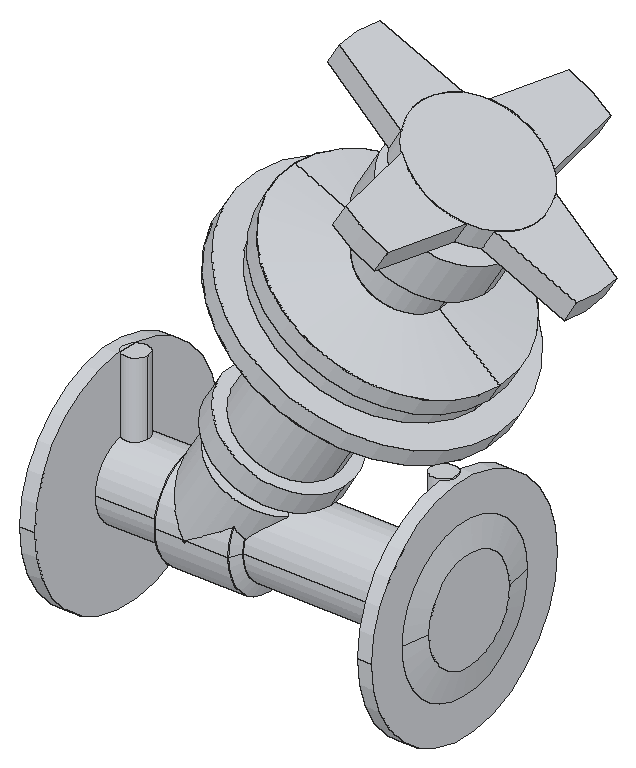
Revit family "224_DN065_40-160_RFA_2019", category Pipe Accessories, Revit 2019
Family settings
  Round Connector Dimension = Use Diameter
  Part Type = Valve - Breaks Into
  Work Plane-Based = No
  Always vertical = Yes
  Cut with Voids When Loaded = No
  Shared = No
Parameters (values of type "224_DN065_(40-160)")
  magiProductId = "7a3227ed888c4b0d8669ae9eb0085d"
  magiProductFamilyId = "cb96b53648234cefb8c956722b95ac"
  magiPartTypeId = 304
  isMeasuringValve [instance] = no
  ang2D [instance] = 0.00°
  Z8 = 22.974 mm
  Z7 = 7.658 mm
  Z6 = 95.726 mm
  Z4 = 38.29 mm
  Z3 = 15.316 mm
  Z2 = 19.145 mm
  Z1 = 57.436 mm
  Y9 = 112.022 mm
  Y8 = 43.927 mm
  X9 = 19.752 mm
  X8 = 30.758 mm
  X5 = 139.89 mm
  X4 = 59.15 mm
  X1 = 11.6 mm
  W2D = 100 mm
  VersionID = "2.0/2018.4.11.4/ZETKAMA_224_001"
  Use Minimum Symbol Size [instance] = yes
  URL = "www.hydronic.cz"
  Type Comments = "přírubový ventil, PN16; -10~+120°C; dpmin=1,5xdpnast;"
  R8 = 53.625 mm
  R7 = 35.75 mm
  R6 = 96.688 mm
  R5 = 92.5 mm
  R4 = 113.75 mm
  R3 = 33.8 mm
  R2 = 63 mm
  R12 = 42.75 mm
  R10 = 40.5 mm
  QmdConnectorList = "301;D;302;D"
  Productdata [instance] = ""
  Manufacturer = "Hydronic Systems Prague s.r.o."
  Maintenance Zone Under Depth [instance] = 385 mm
  Maintenance Zone Right Depth [instance] = 290 mm
  Maintenance Zone Over Depth [instance] = 385 mm
  Maintenance Zone Left Depth [instance] = 290 mm
  Maintenance Zone Front Depth [instance] = 273 mm
  Maintenance Zone Back Depth [instance] = 273 mm
  Maintenance Zone Front Visibility [instance] = no
  MC Product Code = "224 065 7 (DN65; dpnast 40-160kPa; dpmax=300kPa; kvs=48,4kPa)"
  MC Piping Given Pressure Drop [instance] = 0.0 Pa
  LT2 = 145 mm
  L3 = 51.76 mm
  L2D_Min = 3048 mm
  L2D = 350 mm
  H5 = 60 mm
  FDT2 = 92.5 mm
  Description = "Regulátor diferenčního tlaku přírubový"
  DT21 = 32.5 mm
  DT2 = 32.5 mm
  D6 = 52.812 mm
  D5 = 42.25 mm
  D = 65 mm
  Clearance Zone Height Depth [instance] = 385 mm
  Clearance Zone Circular Radius [instance] = 290 mm
  Clearance Zone Visibility [instance] = no
  CAT0 = yes
  ARC2 = 1.728 mm
  ARC1 = 9.698 mm
  ANG = 32.00°
  A2 = 26.893 mm
  A1 = 43.038 mm
Types (10, lengths in mm): name | magiProductId | Z8 | Z7 | Z6 | Z4 | Z3 | Z2 | Z1 | X5 | X4 | X1 | R5 | R3 | R2 | R10 | Maintenance Zone Under Depth | Maintenance Zone Right Depth | Maintenance Zone Over Depth | Maintenance Zone Left Depth | MC Product Code | LT2 | L3 | H5 | FDT2 | DT21 | DT2 | D6 | D5 | D | Clearance Zone Height Depth | Clearance Zone Circular Radius | A2 | A1
  224_DN100_(40-160) | "71f9e553003c40d991c5e352e67284" | 24.389 | 8.13 | 101.622 | 40.649 | 16.26 | 20.324 | 60.973 | 152.2 | 91 | 14 | 110 | 52 | 80.5 | 58 | 405 | 350 | 405 | 350 | "224 100 7 (DN100; dpnast 40-160kPa; dpmax=250kPa; kvs=110,0kPa)" | 175 | 62.8 | 60 | 110 | 50 | 50 | 81.25 | 65 | 100 | 405 | 350 | 32.458 | 51.943
  224_DN100_(20-70) | "5e4de33176c64976a9c157b39996ce" | 24.389 | 8.13 | 101.622 | 40.649 | 16.26 | 20.324 | 60.973 | 152.2 | 91 | 14 | 110 | 52 | 80.5 | 58 | 405 | 350 | 405 | 350 | "224 100 3 (DN100; dpnast 20-70kPa; dpmax=250kPa; kvs=110,0kPa)" | 175 | 62.8 | 60 | 110 | 50 | 50 | 81.25 | 65 | 100 | 405 | 350 | 32.458 | 51.943
  224_DN125_(40-160) | "9beb69b667494b6ab1f54942078ae6" | 25.804 | 8.601 | 107.518 | 43.007 | 17.203 | 21.504 | 64.511 | 166.25 | 113.75 | 16 | 125 | 65 | 95.5 | 71 | 425 | 400 | 425 | 400 | "224 125 7 (DN125; dpnast 40-160kPa; dpmax=250kPa; kvs=169,0kPa)" | 200 | 72 | 62.5 | 125 | 62.5 | 62.5 | 101.562 | 81.25 | 125 | 425 | 400 | 37.094 | 59.363
  224_DN125_(20-70) | "2c85edc695ca465cb63b6911085491" | 25.804 | 8.601 | 107.518 | 43.007 | 17.203 | 21.504 | 64.511 | 166.25 | 113.75 | 16 | 125 | 65 | 95.5 | 71 | 425 | 400 | 425 | 400 | "224 125 3 (DN125; dpnast 20-70kPa; dpmax=250kPa; kvs=169,0kPa)" | 200 | 72 | 62.5 | 125 | 62.5 | 62.5 | 101.562 | 81.25 | 125 | 425 | 400 | 37.094 | 59.363
  224_DN150_(40-160) | "96017eba5eec4de2abe05c4d8dc7d1" | 26.866 | 8.955 | 89.552 | 44.776 | 17.91 | 22.388 | 89.552 | 223.38 | 115.5 | 19.2 | 142.5 | 70.2 | 108.5 | 84 | 440 | 480 | 440 | 480 | "224 150 7 (DN150; dpnast 40-160kPa; dpmax=250kPa; kvs=200,0kPa)" | 240 | 86.72 | 67.5 | 142.5 | 67.5 | 75 | 90.75 | 82.5 | 150 | 440 | 480 | 44.513 | 71.236
  224_DN150_(20-70) | "2dcf3707ec5549d494f72875a03dce" | 26.866 | 8.955 | 89.552 | 44.776 | 17.91 | 22.388 | 89.552 | 223.38 | 115.5 | 19.2 | 142.5 | 70.2 | 108.5 | 84 | 440 | 480 | 440 | 480 | "224 150 3 (DN150; dpnast 20-70kPa; dpmax=250kPa; kvs=200,0kPa)" | 240 | 86.72 | 67.5 | 142.5 | 67.5 | 75 | 90.75 | 82.5 | 150 | 440 | 480 | 44.513 | 71.236
  224_DN065_(40-160) | "7a3227ed888c4b0d8669ae9eb0085d" | 22.974 | 7.658 | 95.726 | 38.29 | 15.316 | 19.145 | 57.436 | 139.89 | 59.15 | 11.6 | 92.5 | 33.8 | 63 | 40.5 | 385 | 290 | 385 | 290 | "224 065 7 (DN65; dpnast 40-160kPa; dpmax=300kPa; kvs=48,4kPa)" | 145 | 51.76 | 60 | 92.5 | 32.5 | 32.5 | 52.812 | 42.25 | 65 | 385 | 290 | 26.893 | 43.038
  224_DN065_(20-70) | "bd269db4002540fe9b2a41f205afd7" | 22.974 | 7.658 | 95.726 | 38.29 | 15.316 | 19.145 | 57.436 | 139.89 | 59.15 | 11.6 | 92.5 | 33.8 | 63 | 40.5 | 385 | 290 | 385 | 290 | "224 065 3 (DN65; dpnast 20-70kPa; dpmax=300kPa; kvs=48,4kPa)" | 145 | 51.76 | 60 | 92.5 | 32.5 | 32.5 | 52.812 | 42.25 | 65 | 385 | 290 | 26.893 | 43.038
  224_DN080_(40-160) | "20b45c03d3cb49e9a44f946d5e2c2d" | 23.328 | 7.776 | 97.2 | 38.88 | 15.552 | 19.44 | 58.32 | 140.96 | 72.8 | 12.4 | 100 | 41.6 | 70.5 | 48 | 390 | 310 | 390 | 310 | "224 080 7 (DN80; dpnast 40-160kPa; dpmax=300kPa; kvs=74,5kPa)" | 155 | 55.44 | 60 | 100 | 40 | 40 | 65 | 52 | 80 | 390 | 310 | 28.748 | 46.007
  224_DN080_(20-70) | "2f63645f7c5342ecbadd0051fa47f2" | 23.328 | 7.776 | 97.2 | 38.88 | 15.552 | 19.44 | 58.32 | 140.96 | 72.8 | 12.4 | 100 | 41.6 | 70.5 | 48 | 390 | 310 | 390 | 310 | "224 080 3 (DN80; dpnast 20-70kPa; dpmax=300kPa; kvs=74,5kPa)" | 155 | 55.44 | 60 | 100 | 40 | 40 | 65 | 52 | 80 | 390 | 310 | 28.748 | 46.007
Reference planes
  plane 1 "Center (Front/Back)": y = 0
  plane 2 "XYPLANE": z = 0
  plane 3 "Center (Left/Right)": x = 0
  plane 4 "274": z = -385
  plane 5 "273": z = 385
  plane 6 "272": x = -290
  plane 7 "271": x = 290
  plane 8 "270": y = 273
  plane 9 "269": y = -273
  plane 10 "202": x = 124.4
  plane 11 "201": z = 32.5
  plane 12 "199": x = -122.4
  plane 13 "196": x = -10.49
  plane 14 "195": x = -14.49
  plane 15 "186": x = -73.64
  plane 16 "185": x = -77.64
  plane 17 "157": through (-528.542, 0, 569.466) normal (0.5299, 0, 0.848)
  plane 18 "123": y = -19.752
  plane 19 "122": y = -30.758
  plane 20 "120": y = 19.752
  plane 21 "119": y = 30.758
  plane 22 "118": through (265.941, 0, 718.206) normal (0.848, 0, -0.5299)
  plane 23 "117": through (398.193, 0, 635.565) normal (0.848, 0, -0.5299)
  plane 24 "116": through (455.941, 0, 599.48) normal (0.848, 0, -0.5299)
  plane 25 "115": through (323.689, 0, 682.121) normal (0.848, 0, -0.5299)
  plane 26 "113": y = -43.927
  plane 27 "112": y = -112.022
  plane 28 "110": through (387.025, 0, 642.544) normal (0.848, 0, -0.5299)
  plane 29 "108": through (344.19, 0, 669.31) normal (0.848, 0, -0.5299)
  plane 30 "107": through (334.856, 0, 675.142) normal (0.848, 0, -0.5299)
  plane 31 "106": through (377.692, 0, 648.376) normal (0.848, 0, -0.5299)
  plane 32 "105": y = 112.022
  plane 33 "104": y = 43.927
  plane 34 "99": through (-457.524, 0, 683.118) normal (0.5299, 0, 0.848)
  plane 35 "96": through (-467.67, 0, 666.882) normal (0.5299, 0, 0.848)
  plane 36 "91": through (-487.961, 0, 634.41) normal (0.5299, 0, 0.848)
  plane 37 "87": through (-508.251, 0, 601.938) normal (0.5299, 0, 0.848)
  plane 38 "84": through (-512.31, 0, 595.443) normal (0.5299, 0, 0.848)
  plane 39 "82": through (-520.426, 0, 582.454) normal (0.5299, 0, 0.848)
  plane 40 "75": through (-536.659, 0, 556.477) normal (0.5299, 0, 0.848)
  plane 41 "74": through (-548.833, 0, 536.993) normal (0.5299, 0, 0.848)
  plane 42 "41": through (-599.56, 0, 455.813) normal (0.5299, 0, 0.848)
  plane 43 "37": through (-609.706, 0, 439.577) normal (0.5299, 0, 0.848)
  plane 44 "34": through (-619.851, 0, 423.341) normal (0.5299, 0, 0.848)
  plane 45 "30": through (-650.287, 0, 374.633) normal (0.5299, 0, 0.848)
  plane 46 "28": y = 0
  plane 47 "27": through (360.941, 0, 658.843) normal (0.848, 0, -0.5299)
  plane 48 "24": x = 141
  plane 49 "23": x = 129.4
  plane 50 "15": x = -129.4
  plane 51 "11": x = -141
  plane 52 "6": x = 145
  plane 53 "5": x = -145
  plane 54 "3": z = 0
  plane 55 "2": y = 0
  plane 56 "1": x = 0
  plane 57 "25XY": through (-636.036, 0, 397.439) normal (0.5299, 0, 0.848)
  plane 58 "25XZ": y = 0
  plane 59 "25YZ": through (397.439, 0, 636.036) normal (0.848, 0, -0.5299)
Forms (mm)
  Blend 1, solid, visible <- "CAT0"
    base sketch origin (-548.833, 0, 536.993) x (0.848048, 0, -0.529919) y (0, 1, 0)
      loop
        circle (706.962, 0) r 42.75
    top sketch origin (-548.833, 0, 536.993) x (0.848048, 0, -0.529919) y (0, 1, 0)
      loop
        circle (706.962, 0) r 113.75
    from 0 to 22.974
  Blend 2, solid, visible <- "Maintenance Zone Front Visibility"
    base sketch origin (-750, 0, 385) x (1, 0, 0) y (0, 1, 0)
      loop
        line (460, 273) -> (460, -273) -> (1040, -273) -> (1040, 273) -> (460, 273)
    top sketch origin (-750, 0, 385) x (1, 0, 0) y (0, 1, 0)
      loop
        line (460, 273) -> (460, -273) -> (1040, -273) -> (1040, 273) -> (460, 273)
    from 0 to -770
  Extrusion 3, solid, visible <- "Clearance Zone Visibility"
    sketch origin (-750, 0, 0) x (1, 0, 0) y (0, 1, 0)
      loop
        circle (750, 0) r 290
    from 0 to 385 <- "Clearance Zone Height Depth"
  Extrusion 4, solid, visible <- "CAT0"
    sketch origin (-599.56, 0, 455.813) x (0.848048, 0, -0.529919) y (0, 1, 0)
      loop
        circle (706.962, 0) r 42.75
    from 0 to 95.726 <- "Z6"
  Extrusion 5, solid
    sketch origin (-750, 0, 32.5) x (1, 0, 0) y (0, 1, 0)
      loop
        circle (874.4, 0) r 10
    from 0 to 60 <- "H5"
  Extrusion 6, solid
    sketch origin (-750, 0, 32.5) x (1, 0, 0) y (0, 1, 0)
      loop
        circle (627.6, 0) r 10
    from 0 to 60 <- "H5"
  Extrusion 7, solid
    sketch origin (-10.49, -750, 0) x (0, 1, 0) y (0, 0, 1)
      loop
        circle (750, 0) r 32.5
    from 0 to 139.89 <- "X5"
  Blend 8, solid
    base sketch origin (-10.49, -750, 0) x (0, 1, 0) y (0, 0, 1)
      loop
        circle (750, 0) r 32.5
    top sketch origin (-10.49, -750, 0) x (0, 1, 0) y (0, 0, 1)
      loop
        circle (750, 0) r 42.25
    from 0 to -4
  Extrusion 9, solid
    sketch origin (-73.64, -750, 0) x (0, 1, 0) y (0, 0, 1)
      loop
        circle (750, 0) r 42.25
    from 0 to 59.15 <- "X4"
  Blend 10, solid
    base sketch origin (-77.64, -750, 0) x (0, 1, 0) y (0, 0, 1)
      loop
        circle (750, 0) r 32.5
    top sketch origin (-77.64, -750, 0) x (0, 1, 0) y (0, 0, 1)
      loop
        circle (750, 0) r 42.25
    from 0 to 4
  Extrusion 11, solid
    sketch origin (-650.287, 0, 374.633) x (0.848048, 0, -0.529919) y (0, 1, 0)
      loop
        circle (706.962, 0) r 42.25
    from 0 to 57.436 <- "Z1"
  Extrusion 12, solid
    sketch origin (-536.659, 0, 556.477) x (0.848048, 0, -0.529919) y (0, 1, 0)
      loop
        circle (706.962, 0) r 113.75
    from 0 to 15.316 <- "Z3"
  Extrusion 13, solid
    sketch origin (-457.524, 0, 683.118) x (0.848048, 0, -0.529919) y (0, 1, 0)
      loop
        line (750.889, -30.758) -> (818.983, -19.752)
        arc (818.983, -19.752) -> (820.712, 0) -> (818.983, 19.752) r 113.75
        line (818.983, 19.752) -> (750.889, 30.758)
        arc (750.889, 30.758) -> (760.587, 0) -> (750.889, -30.758) r 53.625
    from 0 to 19.145 <- "Z2"
  Extrusion 14, solid
    sketch origin (-457.524, 0, 683.118) x (0.848048, 0, -0.529919) y (0, 1, 0)
      loop
        line (663.035, 30.758) -> (594.94, 19.752)
        arc (594.94, 19.752) -> (593.212, 0) -> (594.94, -19.752) r 113.75
        line (594.94, -19.752) -> (663.035, -30.758)
        arc (663.035, -30.758) -> (653.337, 0) -> (663.035, 30.758) r 53.625
    from 0 to 19.145 <- "Z2"
  Extrusion 15, solid
    sketch origin (-457.524, 0, 683.118) x (0.848048, 0, -0.529919) y (0, 1, 0)
      loop
        line (676.204, -43.927) -> (687.209, -112.022)
        arc (687.209, -112.022) -> (706.962, -113.75) -> (726.714, -112.022) r 113.75
        line (726.714, -112.022) -> (737.72, -43.927)
        arc (737.72, -43.927) -> (706.962, -53.625) -> (676.204, -43.927) r 53.625
    from 0 to 19.145 <- "Z2"
  Extrusion 16, solid
    sketch origin (-457.524, 0, 683.118) x (0.848048, 0, -0.529919) y (0, 1, 0)
      loop
        line (737.72, 43.927) -> (726.714, 112.022)
        arc (726.714, 112.022) -> (706.962, 113.75) -> (687.209, 112.022) r 113.75
        line (687.209, 112.022) -> (676.204, 43.927)
        arc (676.204, 43.927) -> (706.962, 53.625) -> (737.72, 43.927) r 53.625
    from 0 to 19.145 <- "Z2"
  Extrusion 17, solid
    sketch origin (-457.524, 0, 683.118) x (0.848048, 0, -0.529919) y (0, 1, 0)
      loop
        circle (706.962, 0) r 53.625
    from 0 to 19.145 <- "Z2"
  Extrusion 18, solid
    sketch origin (-467.67, 0, 666.882) x (0.848048, 0, -0.529919) y (0, 1, 0)
      loop
        circle (706.962, 0) r 35.75
    from 0 to 19.145 <- "Z2"
  Extrusion 19, solid
    sketch origin (-487.961, 0, 634.41) x (0.848048, 0, -0.529919) y (0, 1, 0)
      loop
        circle (706.962, 0) r 53.625
    from 0 to 38.29 <- "Z4"
  Extrusion 20, solid
    sketch origin (-508.251, 0, 601.938) x (0.848048, 0, -0.529919) y (0, 1, 0)
      loop
        circle (706.962, 0) r 35.75
    from 0 to 38.29 <- "Z4"
  Blend 21, solid
    base sketch origin (-512.31, 0, 595.443) x (0.848048, 0, -0.529919) y (0, 1, 0)
      loop
        circle (706.962, 0) r 96.688
    top sketch origin (-512.31, 0, 595.443) x (0.848048, 0, -0.529919) y (0, 1, 0)
      loop
        circle (706.962, 0) r 35.75
    from 0 to 7.658
  Extrusion 22, solid
    sketch origin (-520.426, 0, 582.454) x (0.848048, 0, -0.529919) y (0, 1, 0)
      loop
        circle (706.962, 0) r 96.688
    from 0 to 15.316 <- "Z3"
  Extrusion 23, solid
    sketch origin (-528.542, 0, 569.466) x (0.848048, 0, -0.529919) y (0, 1, 0)
      loop
        circle (706.962, 0) r 92.5
    from 0 to 15.316 <- "Z3"
  Extrusion 24, solid
    sketch origin (-609.706, 0, 439.577) x (0.848048, 0, -0.529919) y (0, 1, 0)
      loop
        circle (706.962, 0) r 52.812
    from 0 to 19.145 <- "Z2"
  Extrusion 25, solid
    sketch origin (-619.851, 0, 423.341) x (0.848048, 0, -0.529919) y (0, 1, 0)
      loop
        circle (706.962, 0) r 33.8
    from 0 to 19.145 <- "Z2"
  Blend 26, solid
    base sketch origin (141, -750, 0) x (0, 1, 0) y (0, 0, 1)
      loop
        circle (750, 0) r 63
    top sketch origin (141, -750, 0) x (0, 1, 0) y (0, 0, 1)
      loop
        circle (750, 0) r 40.5
    from 0 to 4
  Extrusion 27, solid
    sketch origin (129.4, -750, 0) x (0, 1, 0) y (0, 0, 1)
      loop
        circle (750, 0) r 92.5
    from 0 to 11.6 <- "X1"
  Extrusion 28, solid
    sketch origin (-129.4, -750, 0) x (0, 1, 0) y (0, 0, 1)
      loop
        circle (750, 0) r 32.5
    from 0 to 51.76 <- "L3"
  Extrusion 29, solid
    sketch origin (-141, -750, 0) x (0, 1, 0) y (0, 0, 1)
      loop
        circle (750, 0) r 92.5
    from 0 to 11.6 <- "X1"
  Blend 30, solid
    base sketch origin (-145, -750, 0) x (0, 1, 0) y (0, 0, 1)
      loop
        circle (750, 0) r 40.5
    top sketch origin (-145, -750, 0) x (0, 1, 0) y (0, 0, 1)
      loop
        circle (750, 0) r 63
    from 0 to 4
  Extrusion 31, solid, not visible
    sketch origin (145, -750, 0) x (0, 1, 0) y (0, 0, 1)
      loop
        circle (750, 0) r 10
    from 0 to -10
  Extrusion 32, solid, not visible
    sketch origin (-145, -750, 0) x (0, 1, 0) y (0, 0, 1)
      loop
        circle (750, 0) r 10
    from 0 to 10
Lines and regions (mm)
  reference lines, not visible
    curve 1: circle (-13.29, 2, 0) r 1 normal (0, 0, 1)
  reference lines
    curve 2: line (179.265, -30.758, 285.208) -> (179.265, 30.758, 285.208)
    curve 3: line (237.013, 19.752, 249.123) -> (237.013, -19.752, 249.123)
    curve 4: line (104.761, 30.758, 331.763) -> (104.761, -30.758, 331.763)
    curve 5: line (47.013, -19.752, 367.848) -> (47.013, 19.752, 367.848)
    curve 6: line (115.929, -43.927, 324.785) -> (168.097, -43.927, 292.186)
    curve 7: line (158.764, -112.022, 298.018) -> (125.262, -112.022, 318.953)
    curve 8: line (168.097, 43.927, 292.186) -> (115.929, 43.927, 324.785)
    curve 9: line (125.262, 112.022, 318.953) -> (158.764, 112.022, 298.018)
Dimensions and locks
  plane 1 "Center (Front/Back)" to curve 1 = 2 mm
  "Maintenance Zone Under Depth": plane 2 "XYPLANE" to plane 4 "274"
  "Maintenance Zone Over Depth": plane 2 "XYPLANE" to plane 5 "273"
  "Maintenance Zone Left Depth": plane 3 "Center (Left/Right)" to plane 6 "272"
  "Maintenance Zone Right Depth": plane 3 "Center (Left/Right)" to plane 7 "271"
  "Maintenance Zone Back Depth": plane 1 "Center (Front/Back)" to plane 8 "270"
  "Maintenance Zone Front Depth": plane 1 "Center (Front/Back)" to plane 9 "269"
  locked: plane 49 "23" to plane 10 "202" at 5
  "DT2": plane 2 "XYPLANE" to plane 11 "201"
  locked: plane 50 "15" to plane 12 "199" at 7
  locked: plane 14 "195" to plane 13 "196" at 4
  "X4": plane 15 "186" to plane 14 "195"
  locked: plane 16 "185" to plane 15 "186" at 4
  "L3": plane 50 "15" to plane 16 "185"
  "Z3": plane 40 "75" to plane 17 "157"
  "X9": plane 55 "2" to plane 18 "123"
  "X8": plane 55 "2" to plane 19 "122"
  "X9": plane 55 "2" to plane 20 "120"
  "X8": plane 55 "2" to plane 21 "119"
  "Y9": plane 47 "27" to plane 22 "118"
  "Y8": plane 47 "27" to plane 23 "117"
  "Y9": plane 47 "27" to plane 24 "116"
  "Y8": plane 47 "27" to plane 25 "115"
  "Y8": plane 55 "2" to plane 26 "113"
  "Y9": plane 55 "2" to plane 27 "112"
  "X8": plane 47 "27" to plane 28 "110"
  "X9": plane 47 "27" to plane 29 "108"
  "X8": plane 47 "27" to plane 30 "107"
  "X9": plane 47 "27" to plane 31 "106"
  "Y9": plane 55 "2" to plane 32 "105"
  "Y8": plane 55 "2" to plane 33 "104"
  "Z2": plane 35 "96" to plane 34 "99"
  "Z4": plane 36 "91" to plane 35 "96"
  "Z4": plane 37 "87" to plane 36 "91"
  "Z7": plane 38 "84" to plane 37 "87"
  "Z3": plane 39 "82" to plane 38 "84"
  "Z3": plane 17 "157" to plane 39 "82"
  "Z8": plane 41 "74" to plane 40 "75"
  "Z6": plane 42 "41" to plane 41 "74"
  "Z2": plane 43 "37" to plane 42 "41"
  "Z2": plane 44 "34" to plane 43 "37"
  "Z1": plane 45 "30" to plane 44 "34"
  "A2": plane 57 "25XY" to plane 45 "30"
  locked: plane 55 "2" to plane 46 "28"
  "A1": plane 59 "25YZ" to plane 47 "27"
  "X1": plane 49 "23" to plane 48 "24"
  "X5": plane 13 "196" to plane 49 "23"
  "X1": plane 51 "11" to plane 50 "15"
  locked: plane 53 "5" to plane 51 "11" at 4
  "LT2": plane 3 "Center (Left/Right)" to plane 52 "6"
  "LT2": plane 3 "Center (Left/Right)" to plane 53 "5"
  locked: plane 2 "XYPLANE" to plane 54 "3"
  locked: plane 1 "Center (Front/Back)" to plane 55 "2"
  locked: plane 3 "Center (Left/Right)" to plane 56 "1"
  Blend 2 sketch curve to Blend 2 sketch curve = 0 mm  (x16)
  "ARC1": curve 2 to Extrusion 13 sketch curve
  "ARC2": curve 3 to Extrusion 13 sketch curve
  Extrusion 13 sketch curve to Extrusion 13 sketch curve = 0 mm  (x8)
  "ARC1": curve 4 to Extrusion 14 sketch curve
  "ARC2": curve 5 to Extrusion 14 sketch curve
  Extrusion 14 sketch curve to Extrusion 14 sketch curve = 0 mm  (x8)
  "ARC1": curve 6 to Extrusion 15 sketch curve
  "ARC2": curve 7 to Extrusion 15 sketch curve
  Extrusion 15 sketch curve to Extrusion 15 sketch curve = 0 mm  (x8)
  "ARC1": curve 8 to Extrusion 16 sketch curve
  "ARC2": curve 9 to Extrusion 16 sketch curve
  Extrusion 16 sketch curve to Extrusion 16 sketch curve = 0 mm  (x8)
  "R4": radius of Blend 1 sketch curve
  "R12": radius of Blend 1 sketch curve
  "Clearance Zone Circular Radius": radius of Extrusion 3 sketch curve
  "R12": radius of Extrusion 4 sketch curve
  "DT21": radius of Extrusion 7 sketch curve
  "D5": radius of Blend 8 sketch curve
  "DT21": radius of Blend 8 sketch curve
  "D5": radius of Extrusion 9 sketch curve
  "D5": radius of Blend 10 sketch curve
  "DT21": radius of Blend 10 sketch curve
  "D5": radius of Extrusion 11 sketch curve
  "R4": radius of Extrusion 12 sketch curve
  "R8": radius of Extrusion 17 sketch curve
  "R7": radius of Extrusion 18 sketch curve
  "R8": radius of Extrusion 19 sketch curve
  "R7": radius of Extrusion 20 sketch curve
  "R7": radius of Blend 21 sketch curve
  "R6": radius of Blend 21 sketch curve
  "R6": radius of Extrusion 22 sketch curve
  "R5": radius of Extrusion 23 sketch curve
  "D6": radius of Extrusion 24 sketch curve
  "R3": radius of Extrusion 25 sketch curve
  "R10": radius of Blend 26 sketch curve
  "R2": radius of Blend 26 sketch curve
  "FDT2": radius of Extrusion 27 sketch curve
  "DT21": radius of Extrusion 28 sketch curve
  "FDT2": radius of Extrusion 29 sketch curve
  "R2": radius of Blend 30 sketch curve
  "R10": radius of Blend 30 sketch curve
  aligned and locked: level to plane 2 "XYPLANE"
  aligned and locked: plane 46 "28" to Blend 1 sketch curve  (x2)
  aligned and locked: Blend 1 sketch curve to plane 47 "27"  (x2)
  aligned and locked: plane 40 "75" to Blend 1
  aligned and locked: Blend 2 sketch curve to plane 6 "272"  (x2)
  aligned and locked: plane 8 "270" to Blend 2 sketch curve  (x4)
  aligned and locked: plane 9 "269" to Blend 2 sketch curve  (x4)
  aligned and locked: plane 6 "272" to Blend 2 sketch curve  (x2)
  aligned and locked: plane 7 "271" to Blend 2 sketch curve  (x4)
  aligned and locked: Blend 2 to plane 4 "274"
  aligned and locked: plane 55 "2" to Extrusion 3 sketch curve
  aligned and locked: plane 56 "1" to Extrusion 3 sketch curve
  aligned and locked: plane 46 "28" to Extrusion 4 sketch curve
  aligned and locked: Extrusion 4 sketch curve to plane 47 "27"
  aligned and locked: plane 10 "202" to Extrusion 5 sketch curve
  aligned and locked: plane 55 "2" to Extrusion 5 sketch curve
  aligned and locked: plane 12 "199" to Extrusion 6 sketch curve
  aligned and locked: plane 55 "2" to Extrusion 6 sketch curve
  aligned and locked: plane 54 "3" to Extrusion 7 sketch curve
  aligned and locked: Extrusion 7 sketch curve to plane 55 "2"
  aligned and locked: plane 54 "3" to Blend 8 sketch curve  (x2)
  aligned and locked: Blend 8 sketch curve to plane 55 "2"  (x2)
  aligned and locked: Blend 8 to plane 14 "195"
  aligned and locked: plane 54 "3" to Extrusion 9 sketch curve
  aligned and locked: Extrusion 9 sketch curve to plane 55 "2"
  aligned and locked: plane 54 "3" to Blend 10 sketch curve  (x2)
  aligned and locked: Blend 10 sketch curve to plane 55 "2"  (x2)
  aligned and locked: plane 15 "186" to Blend 10
  aligned and locked: plane 46 "28" to Extrusion 11 sketch curve
  aligned and locked: Extrusion 11 sketch curve to plane 47 "27"
  aligned and locked: plane 46 "28" to Extrusion 12 sketch curve
  aligned and locked: Extrusion 12 sketch curve to plane 47 "27"
  aligned and locked: curve 2 to plane 23 "117"
  aligned and locked: plane 19 "122" to curve 2
  aligned and locked: plane 21 "119" to curve 2
  aligned and locked: plane 21 "119" to Extrusion 13 sketch curve
  aligned and locked: plane 23 "117" to Extrusion 13 sketch curve
  aligned and locked: plane 20 "120" to Extrusion 13 sketch curve
  aligned and locked: plane 24 "116" to Extrusion 13 sketch curve
  aligned and locked: curve 3 to plane 24 "116"
  aligned and locked: plane 20 "120" to curve 3
  aligned and locked: plane 18 "123" to curve 3
  aligned and locked: plane 18 "123" to Extrusion 13 sketch curve
  aligned and locked: Extrusion 13 sketch curve to plane 24 "116"
  aligned and locked: plane 19 "122" to Extrusion 13 sketch curve
  aligned and locked: Extrusion 13 sketch curve to plane 23 "117"
  aligned and locked: curve 4 to plane 25 "115"
  aligned and locked: plane 21 "119" to curve 4
  aligned and locked: plane 19 "122" to curve 4
  aligned and locked: plane 19 "122" to Extrusion 14 sketch curve
  aligned and locked: Extrusion 14 sketch curve to plane 25 "115"
  aligned and locked: plane 18 "123" to Extrusion 14 sketch curve
  aligned and locked: Extrusion 14 sketch curve to plane 22 "118"
  aligned and locked: curve 5 to plane 22 "118"
  aligned and locked: plane 18 "123" to curve 5
  aligned and locked: plane 20 "120" to curve 5
  aligned and locked: plane 20 "120" to Extrusion 14 sketch curve
  aligned and locked: plane 22 "118" to Extrusion 14 sketch curve
  aligned and locked: plane 21 "119" to Extrusion 14 sketch curve
  aligned and locked: plane 25 "115" to Extrusion 14 sketch curve
  aligned and locked: curve 6 to plane 26 "113"
  aligned and locked: curve 6 to plane 30 "107"
  aligned and locked: curve 6 to plane 28 "110"
  aligned and locked: plane 26 "113" to Extrusion 15 sketch curve  (x2)
  aligned and locked: Extrusion 15 sketch curve to plane 28 "110"
  aligned and locked: plane 27 "112" to Extrusion 15 sketch curve  (x2)
  aligned and locked: Extrusion 15 sketch curve to plane 31 "106"
  aligned and locked: plane 27 "112" to curve 7
  aligned and locked: curve 7 to plane 31 "106"
  aligned and locked: curve 7 to plane 29 "108"
  aligned and locked: Extrusion 15 sketch curve to plane 29 "108"
  aligned and locked: Extrusion 15 sketch curve to plane 30 "107"
  aligned and locked: plane 33 "104" to curve 8
  aligned and locked: plane 28 "110" to curve 8
  aligned and locked: plane 30 "107" to curve 8
  aligned and locked: plane 30 "107" to Extrusion 16 sketch curve
  aligned and locked: plane 33 "104" to Extrusion 16 sketch curve  (x2)
  aligned and locked: plane 29 "108" to Extrusion 16 sketch curve
  aligned and locked: plane 32 "105" to Extrusion 16 sketch curve  (x2)
  aligned and locked: curve 9 to plane 32 "105"
  aligned and locked: plane 29 "108" to curve 9
  aligned and locked: plane 31 "106" to curve 9
  aligned and locked: plane 31 "106" to Extrusion 16 sketch curve
  aligned and locked: plane 28 "110" to Extrusion 16 sketch curve
  aligned and locked: plane 46 "28" to Extrusion 17 sketch curve
  aligned and locked: Extrusion 17 sketch curve to plane 47 "27"
  aligned and locked: plane 46 "28" to Extrusion 18 sketch curve
  aligned and locked: Extrusion 18 sketch curve to plane 47 "27"
  aligned and locked: plane 46 "28" to Extrusion 19 sketch curve
  aligned and locked: Extrusion 19 sketch curve to plane 47 "27"
  aligned and locked: plane 46 "28" to Extrusion 20 sketch curve
  aligned and locked: Extrusion 20 sketch curve to plane 47 "27"
  aligned and locked: plane 46 "28" to Blend 21 sketch curve  (x2)
  aligned and locked: Blend 21 sketch curve to plane 47 "27"  (x2)
  aligned and locked: plane 37 "87" to Blend 21
  aligned and locked: plane 46 "28" to Extrusion 22 sketch curve
  aligned and locked: Extrusion 22 sketch curve to plane 47 "27"
  aligned and locked: plane 46 "28" to Extrusion 23 sketch curve
  aligned and locked: Extrusion 23 sketch curve to plane 47 "27"
  aligned and locked: plane 46 "28" to Extrusion 24 sketch curve
  aligned and locked: Extrusion 24 sketch curve to plane 47 "27"
  aligned and locked: plane 46 "28" to Extrusion 25 sketch curve
  aligned and locked: Extrusion 25 sketch curve to plane 47 "27"
  aligned and locked: plane 54 "3" to Blend 26 sketch curve  (x2)
  aligned and locked: Blend 26 sketch curve to plane 55 "2"  (x2)
  aligned and locked: plane 52 "6" to Blend 26
  aligned and locked: plane 54 "3" to Extrusion 27 sketch curve
  aligned and locked: Extrusion 27 sketch curve to plane 55 "2"
  aligned and locked: plane 54 "3" to Extrusion 28 sketch curve
  aligned and locked: Extrusion 28 sketch curve to plane 55 "2"
  aligned and locked: plane 54 "3" to Extrusion 29 sketch curve
  aligned and locked: Extrusion 29 sketch curve to plane 55 "2"
  aligned and locked: plane 54 "3" to Blend 30 sketch curve  (x2)
  aligned and locked: Blend 30 sketch curve to plane 55 "2"  (x2)
  aligned and locked: plane 51 "11" to Blend 30
  aligned and locked: plane 54 "3" to Extrusion 31 sketch curve
  aligned and locked: Extrusion 31 sketch curve to plane 55 "2"
  aligned and locked: plane 54 "3" to Extrusion 32 sketch curve
  aligned and locked: Extrusion 32 sketch curve to plane 55 "2"
Automatic sketch dimensions
  Extrusion 5 sketch curve to Extrusion 5 sketch curve = 10 mm
  Extrusion 6 sketch curve to plane 50 "15" = 3 mm
  plane 18 "123" to Extrusion 31 sketch curve = 9.752 mm
  plane 18 "123" to Extrusion 32 sketch curve = 9.752 mm
  plane 14 "195" to curve 1 = 1.2 mm
  radius of curve 1 = 1 mm
Connectors
  piping at (-145, 0, 0), diameter 65, driven by "D"
    settings: on Extrusion 32, index 1, connector inside diameter 609.6 mm, connector length 0 mm, flow factor 0, pipe flow 0.0 L/s, pressure drop 0.0 Pa, fitting loss kfactor 0, connector angle 0.00°, fixture units 0, engagement length 0 mm, angle of deflection 0.00°, flow configuration 0, flow direction 0, fitting loss method 0, system type 29, joint type 0, gender type 0, connector reference index 2, connector utility 0, adjustable connector no, is connector primary yes, connector description ""
  piping at (145, 0, 0), diameter 65, driven by "D"
    settings: on Extrusion 31, index 2, connector inside diameter 609.6 mm, connector length 0 mm, flow factor 0, pipe flow 0.0 L/s, pressure drop 0.0 Pa, fitting loss kfactor 0, connector angle 0.00°, fixture units 0, engagement length 0 mm, angle of deflection 0.00°, flow configuration 0, flow direction 0, fitting loss method 0, system type 29, joint type 0, gender type 0, connector reference index 1, connector utility 0, adjustable connector no, is connector primary no, connector description ""
